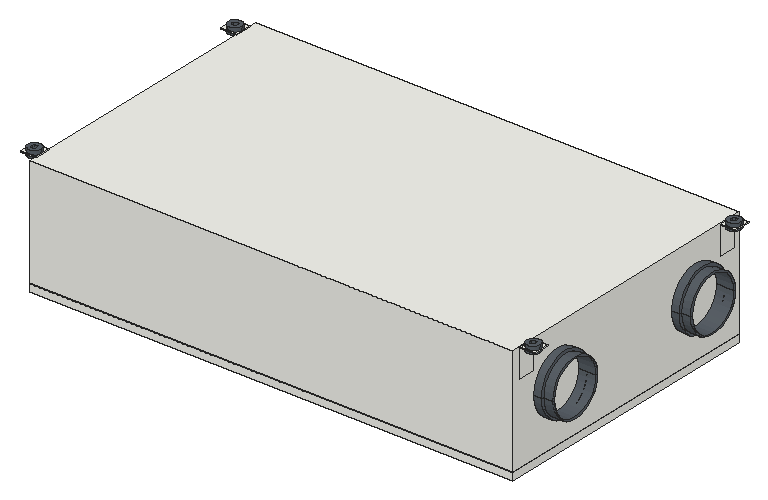
Revit family "Salda Indoor Horizontal AHU.Smarty Series", category Mechanical Equipment, Revit 2016
Family settings
  Part Type = Normal
  Round Connector Dimension = Use Diameter
  OmniClass Number = 23.75.35.14.11
  OmniClass Title = Built-Up Indoor Air Handling Units
  Work Plane-Based = No
  Always vertical = Yes
  Cut with Voids When Loaded = No
  Shared = No
  Room Calculation Point = No
Parameters (values of type "Smarty 2X P 1.1")
  Voltage = 230 V
  Unit Mass = 30.00 kg
  Type = 2
  Service Zone Height = Module Height * 1.5  # 366 mm
  Power = 100 W
  Overall Width = Module Width  # 590 mm
  Overall Length = Module Length + 2 * (Connector Length)  # 1086 mm
  Overall Height = Module Height + 6 mm  # 250 mm
  URL = "http://salda.lt/en/products/item/5637267576"
  Supply Air [instance] = 0.0 m³/h
  Return Air [instance] = 0.0 m³/h
  Module Height = 244 mm
  Module Width = 590 mm
  Module Length = 1009 mm
  Model = "Smarty 2X P 1.1"
  Maximum Flow Rate = 219.0 m³/h
  Manufacturer = "Salda"
  Keynote = ""
  Inspection Zone [instance] = no
  Electric Box = no
  Drainage Pipe Offset 2 = 326 mm
  Current = 0.85 A
  Connector Side Offset = 115 mm
  Connector Length = 38.5 mm
  Connector Diameters [instance] = if(and(Connector D125, Type = 2), 125 mm, if(and(Connector D150, or(Type = 3, Type = 4)), 150 mm, 160 mm))  # 125 mm
  Connector D150 [instance] = no
  Connector D125 [instance] = yes
  Connector Center Height = 137 mm
  Drainage Pipe Offset 1 = 202 mm
  Cover Height = 16 mm
Types (7, lengths in mm): name | Unit Mass | Type | Service Zone Height | Power | Overall Width | Overall Length | Overall Height | URL | Module Height | Module Width | Module Length | Model | Maximum Flow Rate | Electric Box | Drainage Pipe Offset 2 | Current | Connector Side Offset | Connector Length | Connector Diameters | Connector D125 | Connector Center Height | Drainage Pipe Offset 1
  (no name) | 30.00 kg | 2 | 366 | 100 W | 590 | 1086 | 250 | "http://salda.lt/en/products/item/5637267576" | 244 | 590 | 1009 | "Smarty 2X P 1.1" | 219.0 m³/h | no | 326 | 0.85 A | 115 | 38.5 | 125 | yes | 137 | 202
  Smarty 3X P 1.1 | 53.00 kg | 3 | 477 | 170 W | 685 | 1380 | 324 | "http://salda.lt/en/products/item/5637267579" | 318 | 685 | 1225 | "Smarty 3X P 1.1" | 350.0 m³/h | no | 408 | 1.55 A | 128 | 77.5 | 160 | no | 170 | 258
  Smarty 4X P 1.1 | 53.00 kg | 4 | 477 | 420 W | 685 | 1380 | 324 | "http://salda.lt/en/products/item/5637275826" | 318 | 685 | 1225 | "Smarty 4X P 1.1" | 595.0 m³/h | yes | 408 | 1.89 A | 128 | 77.5 | 160 | no | 170 | 258
  Smarty 2X P 1.2 | 30.00 kg | 2 | 366 | 100 W | 590 | 1086 | 250 | "http://salda.lt/en/products/item/5637267577" | 244 | 590 | 1009 | "Smarty 2X P 1.2" | 219.0 m³/h | no | 326 | 0.85 A | 115 | 38.5 | 125 | yes | 137 | 202
  Smarty 2X P 1.1 | 30.00 kg | 2 | 366 | 100 W | 590 | 1086 | 250 | "http://salda.lt/en/products/item/5637267576" | 244 | 590 | 1009 | "Smarty 2X P 1.1" | 219.0 m³/h | no | 326 | 0.85 A | 115 | 38.5 | 125 | yes | 137 | 202
  Smarty 3X P 1.2 | 53.00 kg | 3 | 477 | 170 W | 685 | 1380 | 324 | "http://salda.lt/en/products/item/5637267580" | 318 | 685 | 1225 | "Smarty 3X P 1.2" | 350.0 m³/h | no | 408 | 1.55 A | 128 | 77.5 | 160 | no | 170 | 258
  Smarty 4X P 1.2 | 53.00 kg | 4 | 477 | 420 W | 685 | 1380 | 324 | "http://salda.lt/en/products/item/5637275827" | 318 | 685 | 1225 | "Smarty 4X P 1.2" | 595.0 m³/h | yes | 408 | 1.89 A | 128 | 77.5 | 160 | no | 170 | 258
Reference planes
  plane 1 "Center (Front/Back)": y = 0
  plane 2: z = 0
  plane 3 "Center (Left/Right)": x = 0
  plane 4 "Left": x = -504.5
  plane 5 "Back": y = 295
  plane 6 "Front": y = -295
  plane 7 "Right": x = 504.5
  plane 8 "Base Top": z = 16
  plane 9 "Top": z = 244
  plane 10: z = 137
  plane 11 "Extract Line": y = 180
  plane 12 "Supply Line": y = -180
  plane 13 "Drainage Line 1": y = 93
  plane 14 "Drainage Line 2": x = -178.5
  plane 15 "Inspection Zone": z = -366
Forms (mm)
  Extrusion 1, solid, material "Salda. White Metal Paint"
    sketch origin (0, 0, 0) x (1, 0, 0) y (0, 1, 0)
      loop
        line (-504.5, 295) -> (-504.5, -295) -> (504.5, -295) -> (504.5, 295) -> (-504.5, 295)
    from 16 to 244
  Extrusion 2, solid, material "Salda. White Metal Paint"
    sketch origin (0, 0, 0) x (1, 0, 0) y (0, 1, 0)
      loop
        line (-504.5, 295) -> (-504.5, -295) -> (504.5, -295) -> (504.5, 295) -> (-504.5, 295)
    from 0 to 14.888
  Extrusion 3, solid, material "Salda. White Metal Paint", visible <- "Electric Box", detail levels medium+fine
    sketch origin (0, -295, 0) x (-1, 0, 0) y (0, 0, -1)
      loop
        line (167, -163) -> (167, -26) -> (-122, -26) -> (-122, -163) -> (167, -163)
    from 0 to 37
  Extrusion 4, solid, material "Salda. Service Zone", visible <- "Inspection Zone"
    sketch origin (0, 0, 0) x (1, 0, 0) y (0, 1, 0)
      loop
        line (-504.5, 295) -> (-504.5, -295) -> (504.5, -295) -> (504.5, 295) -> (-504.5, 295)
    from 0 to -366
Dimensions and locks
  equal spacing: plane 4 "Left", plane 3 "Center (Left/Right)", plane 7 "Right"
  "Module Length": plane 4 "Left" to plane 7 "Right"
  equal spacing: plane 5 "Back", plane 1 "Center (Front/Back)", plane 6 "Front"
  "Module Width": plane 6 "Front" to plane 5 "Back"
  "Cover Height": plane 8 "Base Top" to plane 2
  "Module Height": plane 9 "Top" to plane 2
  "Connector Center Height": plane 10 to plane 2
  locked: plane 8 "Base Top" to Extrusion 2 at 1.112
  "Connector Side Offset": plane 6 "Front" to plane 12 "Supply Line"
  "Connector Side Offset": plane 5 "Back" to plane 11 "Extract Line"
  "Drainage Pipe Offset 2": plane 4 "Left" to plane 14 "Drainage Line 2"
  "Drainage Pipe Offset 1": plane 5 "Back" to plane 13 "Drainage Line 1"
  locked: plane 6 "Front" to nested 6 at 33
  locked: plane 5 "Back" to nested 7 at 33
  locked: nested 8 to plane 6 "Front" at 33.026
  locked: nested 5 to plane 5 "Back" at 33.047
  locked: plane 3 "Center (Left/Right)" to Extrusion 3 sketch curve at 167
  locked: Extrusion 3 sketch curve to plane 3 "Center (Left/Right)" at 122
  locked: Extrusion 3 sketch curve to Extrusion 3 sketch curve at 137
  Extrusion 3 sketch curve to plane 8 "Base Top" = 10 mm
  locked: Extrusion 3 to Extrusion 3 at 37
  "Service Zone Height": plane 2 to plane 15 "Inspection Zone"
  aligned and locked: level to plane 2
  aligned and locked: Extrusion 1 sketch curve to plane 5 "Back"
  aligned and locked: plane 4 "Left" to Extrusion 1 sketch curve
  aligned and locked: Extrusion 1 sketch curve to plane 6 "Front"
  aligned and locked: plane 7 "Right" to Extrusion 1 sketch curve
  aligned and locked: plane 9 "Top" to Extrusion 1
  aligned and locked: Extrusion 1 to plane 8 "Base Top"
  aligned and locked: Extrusion 2 sketch curve to plane 6 "Front"
  aligned and locked: plane 7 "Right" to Extrusion 2 sketch curve
  aligned and locked: Extrusion 2 sketch curve to plane 5 "Back"
  aligned and locked: plane 4 "Left" to Extrusion 2 sketch curve
  aligned and locked: plane 11 "Extract Line" to nested 2
  aligned and locked: nested 1 to plane 12 "Supply Line"
  aligned and locked: nested 3 to plane 11 "Extract Line"
  aligned and locked: nested 4 to plane 4 "Left"  (x2)
  aligned and locked: nested 3 to plane 4 "Left"
  aligned and locked: nested 2 to plane 7 "Right"
  aligned and locked: nested 1 to plane 7 "Right"
  aligned and locked: nested 1 to plane 10
  aligned and locked: nested 2 to plane 10
  aligned and locked: nested 4 to plane 10
  aligned and locked: nested 3 to plane 10
  aligned and locked: plane 12 "Supply Line" to nested 4
  aligned and locked: nested 5 to plane 7 "Right"
  aligned and locked: nested 6 to plane 7 "Right"
  aligned and locked: nested 7 to plane 4 "Left"
  aligned and locked: nested 8 to plane 4 "Left"
  aligned and locked: plane 9 "Top" to nested 6
  aligned and locked: plane 9 "Top" to nested 5
  aligned and locked: plane 9 "Top" to nested 8
  aligned and locked: plane 9 "Top" to nested 7
  aligned and locked: nested 9 to plane 13 "Drainage Line 1"
  aligned and locked: plane 4 "Left" to nested 9
  aligned and locked: plane 8 "Base Top" to nested 9
  aligned and locked: nested 10 to plane 14 "Drainage Line 2"
  aligned and locked: nested 10 to plane 5 "Back"
  aligned and locked: plane 8 "Base Top" to nested 10
  aligned and locked: Extrusion 3 to plane 6 "Front"
  aligned and locked: Extrusion 4 sketch curve to plane 5 "Back"
  aligned and locked: plane 7 "Right" to Extrusion 4 sketch curve
  aligned and locked: Extrusion 4 sketch curve to plane 6 "Front"
  aligned and locked: plane 4 "Left" to Extrusion 4 sketch curve
  aligned and locked: Extrusion 4 to plane 15 "Inspection Zone"
  aligned and locked: plane 2 to Extrusion 4
Nested families
  nested 1: "Duct Connector" at (504.5, -180, 137) x (0, 1, 0) z (1, 0, 0), type "Duct Connector"
    with Diameter 125 mm
  nested 2: "Duct Connector" at (504.5, 180, 137) x (0, 1, 0) z (1, 0, 0), type "Duct Connector"
    with Diameter 125 mm
  nested 3: "Duct Connector" at (-504.5, 180, 137) x (0, -1, 0) z (-1, 0, 0), type "Duct Connector"
    with Diameter 125 mm
  nested 4: "Duct Connector" at (-504.5, -180, 137) x (0, -1, 0) z (-1, 0, 0), type "Duct Connector"
    with Diameter 125 mm
  nested 5: "Camera Hanger" at (504.5, 261.953, 244), type "Camera Hanger", detail levels fine
  nested 6: "Camera Hanger" at (504.5, -262, 244), type "Camera Hanger", detail levels fine
  nested 7: "Camera Hanger" at (-504.5, 262, 244) x (-1, 0, 0) z (0, 0, 1), type "Camera Hanger", detail levels fine
  nested 8: "Camera Hanger" at (-504.5, -261.974, 244) x (-1, 0, 0) z (0, 0, 1), type "Camera Hanger", detail levels fine
  nested 9: "Pipe Connector" at (-504.5, 93, 27.588), type "Pipe Connector"
  nested 10: "Pipe Connector" at (-178.5, 295, 27.588) x (0, -1, 0) z (0, 0, 1), type "Pipe Connector"
Connectors
  hvac at (-542.5, 180, 137), driven by "Connector Diameters"
    settings: on nested 3, index 1, duct flow 0.0 m³/h, flow factor 0, pres drop 0.0 Pa, loss coef 0, conn angle 0.00°, conn width 304.8 mm, conn height 304.8 mm, conn diameter 125 mm, duct sys type 3, conn prof type 0, flow config 0, flow direction 2, loss method 0, conn ref index 4, conn util no, is conn primary yes, conn desc "Exhaust Air"
  hvac at (-542.5, -180, 137), driven by "Connector Diameters"
    settings: on nested 4, index 2, duct flow 0.0 m³/h, flow factor 0, pres drop 0.0 Pa, loss coef 0, conn angle 0.00°, conn width 304.8 mm, conn height 304.8 mm, conn diameter 125 mm, duct sys type 4, conn prof type 0, flow config 0, flow direction 1, loss method 0, conn ref index 3, conn util no, is conn primary no, conn desc "Fresh Air"
  hvac at (542.5, -180, 137), driven by "Connector Diameters", driven by "Supply Air"
    settings: on nested 1, index 3, duct flow 0.0 m³/h, flow factor 0, pres drop 0.0 Pa, loss coef 0, conn angle 0.00°, conn width 304.8 mm, conn height 304.8 mm, conn diameter 125 mm, duct sys type 1, conn prof type 0, flow config 0, flow direction 2, loss method 0, conn ref index 2, conn util no, is conn primary no, conn desc "Supply Air"
  hvac at (542.5, 180, 137), driven by "Connector Diameters", driven by "Return Air"
    settings: on nested 2, index 4, duct flow 0.0 m³/h, flow factor 0, pres drop 0.0 Pa, loss coef 0, conn angle 0.00°, conn width 304.8 mm, conn height 304.8 mm, conn diameter 125 mm, duct sys type 2, conn prof type 0, flow config 0, flow direction 1, loss method 0, conn ref index 1, conn util no, is conn primary no, conn desc "Return Air"
  piping at (-521.164, 93, 27.588), diameter 25
    settings: on nested 9, index 5, connector inside diameter 609.6 mm, connector length 0 mm, flow factor 0, pipe flow 0.0 L/s, pressure drop 0.0 Pa, fitting loss kfactor 0, connector angle 0.00°, fixture units 0, engagement length 0 mm, angle of deflection 0.00°, flow configuration 0, flow direction 2, fitting loss method 0, system type 16, joint type 0, gender type 0, connector reference index -1, connector utility 0, adjustable connector no, is connector primary yes, connector description "Drainage"
  piping at (-178.5, 311.664, 27.588), diameter 25
    settings: on nested 10, index 6, connector inside diameter 609.6 mm, connector length 0 mm, flow factor 0, pipe flow 0.0 L/s, pressure drop 0.0 Pa, fitting loss kfactor 0, connector angle 0.00°, fixture units 0, engagement length 0 mm, angle of deflection 0.00°, flow configuration 0, flow direction 2, fitting loss method 0, system type 16, joint type 0, gender type 0, connector reference index -1, connector utility 0, adjustable connector no, is connector primary no, connector description "Drainage"
  electrical at (-22.5, -332, 94.5), driven by "Voltage", driven by "Power"
    settings: on Extrusion 3, index 7, voltage 230 V, apparent load 0 VA, apparent load phase1 100 VA, apparent load phase2 0 VA, apparent load phase3 0 VA, power factor 1, load classification "HVAC", number of poles 1, system type 31, power factor state 1, is connector primary yes, connector utility no, sub classification motor no, connector description ""
Definition of nested family "Duct Connector"
  Parameters (values of type "Duct Connector")
    Top Part Height = if(or(Camera Type = 3, Camera Type = 4), 34 mm, 20 mm)  # 20 mm
    Diameter = 0 mm
    Default Elevation = 1219.2 mm
    Connector Radius = if(or(Diameter = 160 mm, Diameter = 150 mm), 80 mm, 62.5 mm)  # 62.5 mm
    Camera Type = 2
    Bottom Part Height = if(or(Camera Type = 3, Camera Type = 4), 43 mm, 18 mm)  # 18 mm
  Reference planes
    plane 1 "Center (Front/Back)": y = 0
    plane 2: z = 0
    plane 3 "Center (Left/Right)": x = 0
  Forms (mm)
    Extrusion 1, solid
      sketch origin (0, 0, 0) x (1, 0, 0) y (0, 1, 0)
        loop
          line (-1219.2, 1219.2) -> (-1219.2, -1219.2) -> (1219.2, -1219.2) -> (1219.2, 1219.2) -> (-1219.2, 1219.2)
      from 0 to -304.8
    Revolve 2, solid
      sketch origin (0, 0, 0) x (1, 0, 0) y (0, 0, 1)
        loop
          line (55, 0) -> (62.5, 0) -> (62.5, 18) -> (57.956, 18) -> (57.956, 38) -> (55, 38) -> (55, 0)
        axis (0, 38) -> (0, 0)
      angle from 0 to 360
  Dimensions and locks
    "Bottom Part Height": Revolve 2 sketch curve to plane 2
    "Top Part Height": Revolve 2 sketch curve to Revolve 2 sketch curve
    "Connector Radius": Revolve 2 sketch curve to plane 3 "Center (Left/Right)"
    aligned and locked: plane 2 to Extrusion 1
    aligned and locked: level to Extrusion 1
    aligned and locked: plane 2 to Revolve 2
  Automatic sketch dimensions
    Extrusion 1 sketch curve to Extrusion 1 sketch curve = 2438.4 mm  (x2)
    Revolve 2 sketch curve to plane 3 "Center (Left/Right)" = 0 mm
    Revolve 2 sketch curve to level = 0 mm
    Revolve 2 sketch curve to Revolve 2 sketch curve = 7.5 mm
    Revolve 2 sketch curve to Revolve 2 sketch curve = 2.956 mm
    Revolve 2 sketch curve to level = 609.6 mm
    Revolve 2 sketch curve to Revolve 2 sketch curve = 2530.914 mm
Definition of nested family "Camera Hanger"
  Reference planes
    plane 1 "Center (Front/Back)": y = 0
    plane 2: z = 0
    plane 3 "Center (Left/Right)": x = 0
  Forms (mm)
    Extrusion 1, solid
      sketch origin (0, 0, 0) x (0, 0, -1) y (1, 0, 0)
        loop
          line (0, 0) -> (59.982, 0) -> (59.982, 1.499) -> (1.985, 1.499) -> (1.985, 32.53) -> (0, 32.53) -> (0, 0)
      from -17.15 to 17.15
    Extrusion 2, solid
      sketch origin (0, 0, 0) x (1, 0, 0) y (0, 1, 0)
        loop
          circle (16.611, 0) r 14.006
        loop
          circle (16.611, 0) r 5.517
      from -7.435 to 5.977
  Dimensions and locks
    equal spacing: Extrusion 1, plane 1 "Center (Front/Back)", Extrusion 1
    Extrusion 1 to Extrusion 1 = 34.3 mm
    aligned and locked: level to plane 2
  Automatic sketch dimensions
    Extrusion 1 sketch curve to level = 0 mm
    Extrusion 1 sketch curve to plane 3 "Center (Left/Right)" = 0 mm
    Extrusion 1 sketch curve to level = 1.985 mm
    Extrusion 1 sketch curve to Extrusion 1 sketch curve = 57.998 mm
    plane 3 "Center (Left/Right)" to Extrusion 1 sketch curve = 1.499 mm
    Extrusion 1 sketch curve to Extrusion 1 sketch curve = 31.031 mm
    Extrusion 2 sketch curve to Extrusion 2 sketch curve = 0 mm  (x2)
    plane 1 "Center (Front/Back)" to Extrusion 2 sketch curve = 0 mm
    plane 3 "Center (Left/Right)" to Extrusion 2 sketch curve = 16.611 mm
    radius of Extrusion 2 sketch curve = 14.006 mm
    radius of Extrusion 2 sketch curve = 5.517 mm
Definition of nested family "Pipe Connector"
  Reference planes
    plane 1 "Center (Front/Back)": y = 0
    plane 2: z = 0
    plane 3 "Center (Left/Right)": x = 0
  Forms (mm)
    Revolve 1, solid
      sketch origin (0, 0, 0) x (0, 0, -1) y (-1, 0, 0)
        loop
          line (0, 0) -> (11.588, 0) -> (11.588, 16.664) -> (9.539, 16.664) -> (9.539, 1.664) -> (0, 1.664) -> (0, 0)
        axis (0, 16.664) -> (0, 0)
      angle from 0 to 360
  Dimensions and locks
    aligned and locked: level to plane 2
